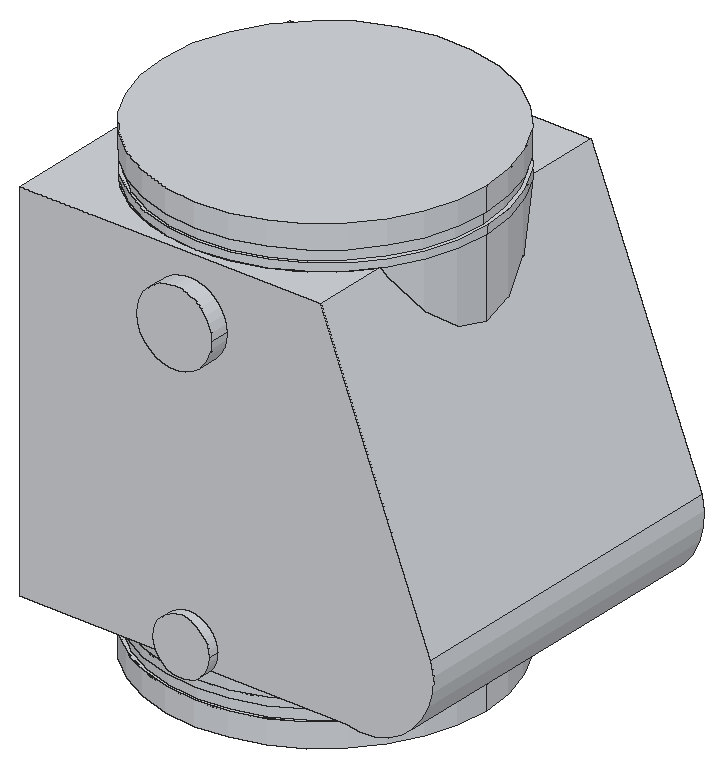
Revit family "8CK", category Generic Models, Revit 2016
Family settings
  Part Type = Normal
  Can host rebar = No
  Round Connector Dimension = Use Diameter
  Work Plane-Based = No
  Always vertical = Yes
  Cut with Voids When Loaded = No
  Shared = No
  Room Calculation Point = No
Reference planes (in)
  plane 1 "Center (Front/Back)": y = 0
  plane 2: z = 0
  plane 3 "Center (Left/Right)": x = 0
Dimensions and locks (in)
  aligned and locked: plane 2 to level
Nested families (in)
  nested 1: "8in Model G Swing Check Valve" at (0, 6.27562, 0), type "8in Model G Swing Check Valve"
Definition of nested family "8in Model G Swing Check Valve"
  Reference planes (in)
    plane 1 "Center (Front/Back)": y = 0
    plane 2: z = 0
    plane 3 "Center (Left/Right)": x = 0
    plane 4 "ref.2": z = 0.62514
    plane 5: z = 12.5
    plane 6 "name": y = -3.125
    plane 7 "REF3": z = 0.93714
  Forms (in)
    Extrusion 1, solid
      sketch origin (0, 0, 0) x (1, 0, 0) y (0, 1, 0)
        loop
          circle (0, 0) r 4.313
      from 0 to 0.625
    Extrusion 2, solid
      sketch origin (0, 0, 0.62514) x (-1, 0, 0) y (0, -1, 0)
        loop
          circle (0, 0) r 4.313
      from 0.512 to 10.73786
    Extrusion 3, solid
      sketch origin (0.0153, 0, -0.01919) x (-1, 0, 0) y (0, 0, -1)
        loop
          arc (-4.14487, -1.63219) -> (-5.94083, -2.12382) -> (-6.42196, -3.92263) r 1.87007
          line (-6.42196, -3.92263) -> (-3.47973, -11.38219) -> (4.5153, -11.38219) -> (4.5153, -1.63219) -> (-4.14487, -1.63219)
      from -4.48534 to 4.5
    Extrusion 4, solid
      sketch origin (0, 0, 0.62514) x (-1, 0, 0) y (0, -1, 0)
        loop
          circle (0, 0) r 4.221
      from 0 to 0.312
    Extrusion 5, solid
      sketch origin (0, 0, 0.93714) x (-1, 0, 0) y (0, -1, 0)
        loop
          circle (0, 0) r 4.313
      from 0 to 0.2
    Extrusion 6, solid
      sketch origin (0.00229, 0.00987, 11.875) x (0, 1, 0) y (-1, 0, 0)
        loop
          circle (0, 0) r 4.313
      from 0 to 0.625
    Extrusion 7, solid
      sketch origin (0.00047, 0.00987, 11.563) x (0, -1, 0) y (1, 0, 0)
        loop
          circle (0, 0) r 4.221
      from 0 to 0.312
    Extrusion 8, solid
      sketch origin (0.01822, 0.00987, 11.363) x (0, -1, 0) y (1, 0, 0)
        loop
          circle (0, 0) r 4.313
      from 0 to 0.2
    Extrusion 9, solid
      sketch origin (0, 0, 0.245) x (0, 1, 0) y (0, 0, 1)
        loop
          circle (0, 5.125) r 1.75
      from 0 to -5.25672
    Extrusion 10, solid
      sketch origin (0, 0, 0) x (1, 0, 0) y (0, 0, 1)
        loop
          circle (0, 9.79561) r 1
      from 0 to 4.98273
    Extrusion 11, solid
      sketch origin (0, 0, 0) x (1, 0, 0) y (0, 0, 1)
        loop
          circle (0.00021, 2.09071) r 0.75
      from 0 to 4.75683
    Extrusion 12, solid
      sketch origin (0, 0, 0) x (0, 1, 0) y (0, 0, 1)
        loop
          circle (0.00791, 2.08727) r 0.75
      from 0 to -4.72616
  Dimensions and locks (in)
    level to plane 5 = 1' - 0 1/2"
    Extrusion 9 to level = 0' - 5.37"
    Extrusion 3 to plane 3 "Center (Left/Right)" = 0' - 6 1/2"
    aligned and locked: plane 2 to level
